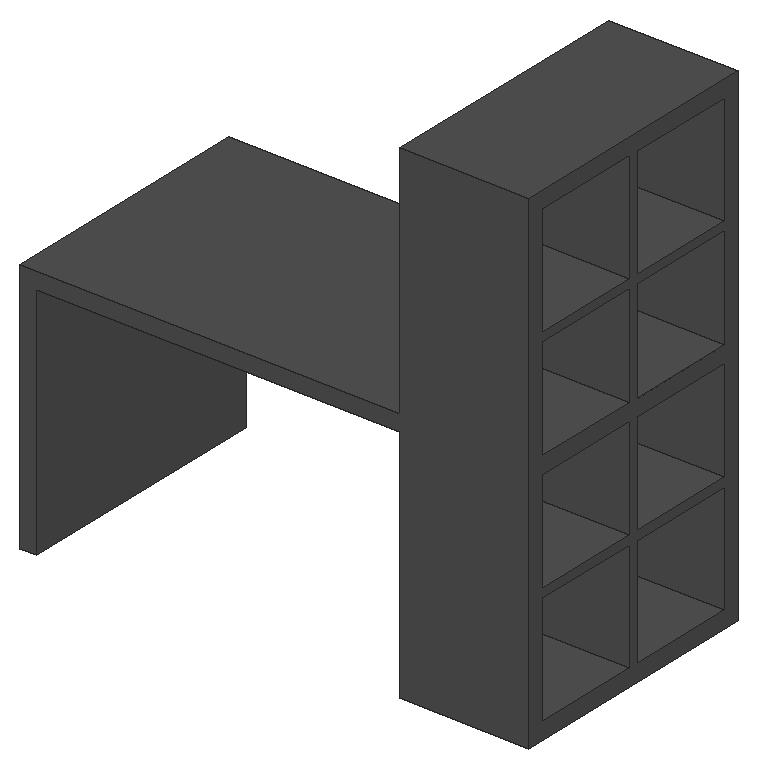
Revit family
Parameters
  Width = 1540 mm
  Thicknes = 50 mm
  Shelve Thicknes = 25 mm
  Shelve Depth = 390 mm
  Material = Paint - Black
  Height = 1490 mm
  Depth = 790 mm
Reference planes
  plane 1 "Centre (Front/Back)": y = 0
  plane 2: z = 0
  plane 3 "Centre (Left/Right)": x = 0
  plane 4 "Left": x = -770
  plane 5 "Right": x = 770
  plane 6 "Back": y = 395
  plane 7 "Front": y = -395
  plane 8 "Top": z = 1490
  plane 9: x = 380
  plane 10: z = 1440
  plane 11: z = 50
  plane 12: z = 1092.5
  plane 13: z = 745
  plane 14: z = 397.5
Forms (mm)
  Extrusion 1, solid, material "Paint - Black" <- "Material"
    sketch origin (0, 395, 0) x (1, 0, 0) y (0, 0, 1)
      loop
        line (-770, 0) -> (-720, 0) -> (-720, 720) -> (770, 720) -> (770, 770) -> (-770, 770) -> (-770, 0)
      loop
        line (380, 1105) -> (380, 1080) -> (770, 1080) -> (770, 1105) -> (380, 1105)
      loop
        line (380, 410) -> (380, 385) -> (770, 385) -> (770, 410) -> (380, 410)
      loop
        line (380, 1490) -> (380, 1440) -> (770, 1440) -> (770, 1490) -> (380, 1490)
      loop
        line (380, 50) -> (380, 0) -> (770, 0) -> (770, 50) -> (380, 50)
    from 0 to 790
  Extrusion 2, solid, material "Paint - Black" <- "Material"
    sketch origin (0, 0, 225) x (-1, 0, 0) y (0, -1, 0)
      loop
        line (-770, -395) -> (-380, -395) -> (-380, -345) -> (-770, -345) -> (-770, -395)
      loop
        line (-380, 345) -> (-380, 395) -> (-770, 395) -> (-770, 345) -> (-380, 345)
      loop
        line (-380, -12.5) -> (-380, 12.5) -> (-770, 12.5) -> (-770, -12.5) -> (-380, -12.5)
    from -225 to 1265
Cuts and joins
  joined: Extrusion 1, Extrusion 2
Dimensions and locks
  "Width": plane 4 "Left" to plane 5 "Right"
  "Depth": plane 7 "Front" to plane 6 "Back"
  equal spacing: plane 4 "Left", plane 3 "Centre (Left/Right)", plane 5 "Right"
  equal spacing: plane 7 "Front", plane 1 "Centre (Front/Back)", plane 6 "Back"
  "Height": plane 8 "Top" to plane 2
  "Shelve Depth": plane 9 to plane 5 "Right"
  "Thicknes": plane 8 "Top" to plane 10
  "Thicknes": plane 11 to plane 2
  equal spacing: plane 10, plane 12, plane 13, plane 14, plane 11
  "Thicknes": Extrusion 1 sketch curve to Extrusion 1 sketch curve
  "Shelve Thicknes": Extrusion 1 sketch curve to Extrusion 1 sketch curve  (x2)
  equal spacing: Extrusion 1 sketch curve, plane 13, Extrusion 1 sketch curve
  equal spacing: Extrusion 1 sketch curve, plane 12, Extrusion 1 sketch curve
  equal spacing: Extrusion 1 sketch curve, plane 14, Extrusion 1 sketch curve
  "Thicknes": Extrusion 2 sketch curve to plane 6 "Back"
  "Thicknes": plane 7 "Front" to Extrusion 2 sketch curve
  "Shelve Thicknes": Extrusion 2 sketch curve to Extrusion 2 sketch curve
  equal spacing: Extrusion 2 sketch curve, plane 1 "Centre (Front/Back)", Extrusion 2 sketch curve
  "Thicknes": plane 4 "Left" to Extrusion 1 sketch curve
  aligned and locked: plane 2 to Extrusion 1 sketch curve  (x2)
  aligned and locked: Extrusion 1 sketch curve to plane 5 "Right"  (x5)
  aligned and locked: plane 9 to Extrusion 1 sketch curve  (x4)
  aligned and locked: Extrusion 1 sketch curve to plane 11
  aligned and locked: Extrusion 1 sketch curve to plane 8 "Top"
  aligned and locked: plane 10 to Extrusion 1 sketch curve
  aligned and locked: plane 7 "Front" to Extrusion 1
  aligned and locked: Extrusion 1 to plane 6 "Back"
  aligned and locked: Extrusion 2 sketch curve to plane 6 "Back"
  aligned and locked: plane 5 "Right" to Extrusion 2 sketch curve
  aligned and locked: Extrusion 2 sketch curve to plane 9
  aligned and locked: Extrusion 2 sketch curve to plane 5 "Right"  (x2)
  aligned and locked: plane 9 to Extrusion 2 sketch curve  (x2)
  aligned and locked: Extrusion 2 sketch curve to plane 7 "Front"
  aligned and locked: plane 8 "Top" to Extrusion 2
  aligned and locked: Extrusion 2 to level
Automatic sketch dimensions
  Extrusion 1 sketch curve to plane 4 "Left" = 0 mm
